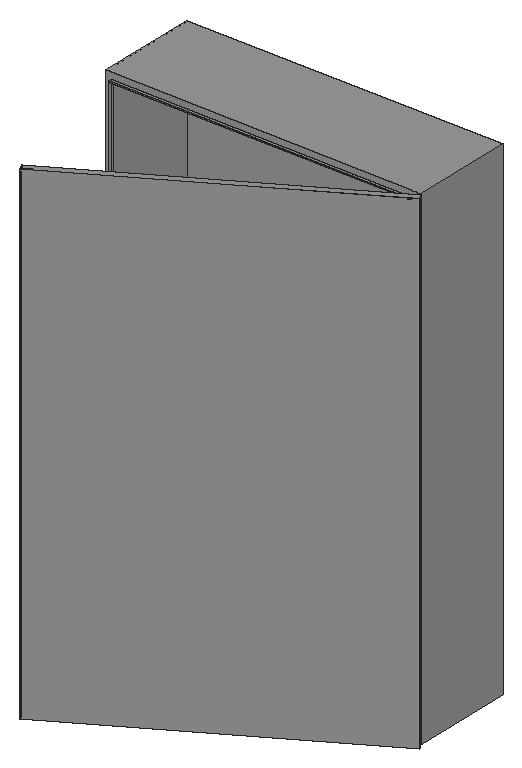
Revit family "Hager-Univers-IP55-D275-H1250-Cl.II-Steel_encl-NoHosted-PL-en", category Equipement électrique, Revit 2020
Family settings
  Configuration du panneau = Deux colonnes, circuits au sein
  Cote de connecteur circulaire = Utiliser le diamètre
  Type d'élément = Tableau de raccordement
  Basée sur le plan de construction = Oui
  Toujours verticalement = Oui
  Couper avec des vides une fois chargée = Non
  Partagée = Non
  Point de calcul de pièce = Non
Parameters (values of type "Surface mounted (plaster) IP55 W800 H1250 D275  - FR83S")
  Width Control [instance] = if([EF000008 - Width] > Min Width, [EF000008 - Width], Min Width)  # 800 mm
  Commentaires du type = [HG000003 - Range]  # "Univers"
  Thickness Door [instance] = if([EF009171 - Material plate thickness door/cover] > 3 mm, 3 mm, [EF009171 - Material plate thickness door/cover])  # 1.5 mm
  Seal Frame Offset [instance] = 17 mm  # constant formula
  Plinth Visibility [instance] = [HG000027 - Plinth height] > 0 mm  # no
  Min Width [instance] = 100 mm  # constant formula
  Min Depth [instance] = (2 * [EF009170 - Material plate thickness cabinet]) + 1 mm  # 4 mm
  Min Height [instance] = 100 mm  # constant formula
  Internal Frame Depth [instance] = (Door System Depth * 0.5)  # 9 mm
  Panel Name [instance] = ""  # (empty or 0)
  Model = ""
  HG000027 - Plinth height = 0 mm
  HG000026 - Floor standing = no
  HG000024 - Bottom section height = 600 mm
  HG000023 - Double section enclosure = no
  HG000016 - Door 3d visibility [instance] = yes
  HG000015 - Clearance visibility [instance] = no
  HG000014 - Door on the right [instance] = yes
  HG000013 - Door on the left [instance] = not([HG000014 - Door on the right])  # no
  HG000012 - Door swing angle [instance] = 30.00°
  HG000010 - Asymmetric doors = no
  HG000009 - Double swing door = no
  HG000006 - Flush mounted = no
  HG000004 - Manufacturer reference = "FR83S"
  HG000003 - Range = "Univers"
  HG000002 - With door or cover = yes
  Frame Offset Bottom [instance] = 10 mm  # constant formula
  Frame Offset [instance] = 15 mm  # constant formula
  EF015940 - Cover with overpressure release = no
  EF011959 - Degree of protection (NEMA) = ""
  EF009554 - Number of openings for flange plates = 6
  EF009212 - Cover model = "EV000116 - Closed"
  EF009171 - Material plate thickness door/cover = 1.5 mm
  EF009170 - Material plate thickness cabinet = 1.5 mm
  EF008873 - Nominal current (In) = 800 A
  EF007800 - Suitable for lightning protection = no
  EF006306 - With lock = no
  EF006244 - Transparent cover/door = no
  EF005474 - Degree of protection (IP) = "EV006420 - IP55"
  EF004464 - Type of door = "EV002646 - Single"
  EF004427 - Number of modules = 288
  EF004293 - Impact strength = "EV008784 - IK10"
  EF003532 - Suitable for outdoor use = no
  EF002950 - Width in number of modular spacings = 24
  EF001613 - Circuit integrity = "EV000494 - None"
  EF001596 - Material housing = "EV000179 - Steel"
  EF001131 - Internal depth = 275 mm
  EF001088 - Extension possible = yes
  EF000437 - Number of conduit inlets = 6
  EF000339 - Type of cover = "EV004216 - Door"
  EF000266 - Number of rows = 8
  EF000218 - Built-in depth = 0 mm
  EF000118 - With mounting plate = no
  EF000116 - RAL-number = "7035"
  EF000049 - Depth = 275 mm
  EF000040 - Height = 1250 mm
  EF000008 - Width = 800 mm
  EF000007 - Colour = "EV000270 - Grey"
  EF000003 - Mounting method = "EV000384 - Surface mounted (plaster)"
  Door System Leaf Tolerance [instance] = 1.5 mm  # constant formula
  Door System Depth [instance] = 18 mm  # constant formula
  Door Height [instance] = Height Control - [HG000027 - Plinth height]  # 1250 mm
  Description = ""
  Default Elevation = 1219.2 mm
  Connector Offset [instance] = Height Control / 2  # 625 mm
  Fabricant = "Hager"  # constant formula
  Height Control [instance] = if([EF000040 - Height] > Min Height, [EF000040 - Height], Min Height)  # 1250 mm
  Depth Control [instance] = if([EF000049 - Depth] > Min Depth, [EF000049 - Depth], Min Depth)  # 275 mm
  Bottom Top Plate Trim [instance] = 1.5 mm  # constant formula
  Plinth height Ctrl [instance] = if([HG000027 - Plinth height] > 0 mm, [HG000027 - Plinth height], 12 mm)  # 12 mm
Types (5, lengths in mm): name | Width Control | HG000010 - Asymmetric doors | HG000009 - Double swing door | HG000004 - Manufacturer reference | EF009554 - Number of openings for flange plates | EF004464 - Type of door | EF004427 - Number of modules | EF000437 - Number of conduit inlets | EF000008 - Width
  Surface mounted (plaster) IP55 W1050 H1250 D275  - FR84S | 1050 | no | yes | "FR84S" | 8 | "EV003602 - Double" | 384 | 8 | 1050
  Surface mounted (plaster) IP55 W1300 H1250 D275  - FR85S | 1300 | yes | yes | "FR85S" | 10 | "EV003602 - Double" | 480 | 10 | 1300
  Surface mounted (plaster) IP55 W300 H1250 D275  - FR81S | 300 | no | no | "FR81S" | 2 | "EV002646 - Single" | 96 | 2 | 300
  Surface mounted (plaster) IP55 W550 H1250 D275  - FR82S | 550 | no | no | "FR82S" | 4 | "EV002646 - Single" | 192 | 4 | 550
  Surface mounted (plaster) IP55 W800 H1250 D275  - FR83S | 800 | no | no | "FR83S" | 6 | "EV002646 - Single" | 288 | 6 | 800
Reference planes
  plane 1 "Center (Front/Back)": y = 0
  plane 2: z = 0
  plane 3 "Center (Left/Right)": x = 0
  plane 4: y = 0
  plane 5: y = 0
  plane 6: z = 0
  plane 7: x = -400
  plane 8: x = 400
  plane 9: x = 398.5
  plane 10: x = -398.5
  plane 11: z = 0
  plane 12: z = 1.5
  plane 13: y = -275
  plane 14: y = -1.5
  plane 15: x = 0
  plane 16: y = -257
  plane 17: y = -273.5
  plane 18: y = -255.5
  plane 19: x = -383.5
  plane 20: x = 383.5
  plane 21: z = 11.5
  plane 22: x = -383
  plane 23: x = 383
  plane 24: z = 0
  plane 25: z = 1250
  plane 26: z = 1250
  plane 27: z = 1233.5
  plane 28: z = 1248.5
Forms (mm)
  Extrusion 1, solid, material "Hager_Steel_RAL7035_Light_Grey", detail levels medium+fine
    sketch origin (-208.679, -4572, 0) x (-1, 0, 0) y (0, -1, 0)
      loop
        line (191.321, -4315) -> (-608.679, -4315) -> (-608.679, -4572) -> (191.321, -4572) -> (191.321, -4315)
    from 0 to 1250
  Extrusion 2, void
    sketch origin (-350.771, -275, 1219.2) x (1, 0, 0) y (0, 0, 1)
      loop
        line (-47.729, 29.3) -> (-47.729, -1217.7) -> (749.271, -1217.7) -> (749.271, 29.3) -> (-47.729, 29.3)
    from -19.5 to -273.5
  Extrusion 3, void
    sketch origin (-290.084, -257, 1219.2) x (1, 0, 0) y (0, 0, 1)
      loop
        line (-93.416, -1207.7) -> (673.584, -1207.7) -> (673.584, 14.3) -> (-93.416, 14.3) -> (-93.416, -1207.7)
    from 0 to -1.5
  Extrusion 4, solid, material "Hager_Steel_RAL7035_Light_Grey", visible <- "Plinth Visibility", detail levels medium+fine
    sketch origin (0, 0, 0) x (1, 0, 0) y (0, 1, 0)
      loop
        line (-400, 0) -> (-400, -257) -> (400, -257) -> (400, 0) -> (-400, 0)
    from 0 to 12 <- "Plinth height Ctrl"
  Extrusion 5, solid, material "Hager_Steel_RAL7035_Light_Grey", detail levels coarse
    sketch origin (0, 0, 0) x (1, 0, 0) y (0, 1, 0)
      loop
        line (-400, 0) -> (-400, -275) -> (400, -275) -> (400, 0) -> (-400, 0)
    from 0 to 1250 <- "Height Control"
  Sweep 6, void
    path in 3D
      loop
        line (-400, -257, 12) -> (400, -257, 12) -> (400, 0, 12) -> (-400, 0, 12) -> (-400, -257, 12)
    profile origin (-400, -128.5, 12) x (1, 0, 0) y (0, 0, 1)
      loop
        line (0, 0) -> (0, -1.5) -> (1.5, -1.5)
        arc (1.5, -1.5) -> (1.061, -0.439) -> (0, 0) r 1.5
  Extrusion 7, solid, material "Hager_Steel_RAL7035_Light_Grey", detail levels fine
    sketch origin (-400, -257, 0) x (1, 0, 0) y (0, 0, 1)
      loop
        line (16.5, 11.5) -> (783.5, 11.5) -> (783.5, 1233.5) -> (16.5, 1233.5) -> (16.5, 11.5)
      loop
        line (15, 10) -> (785, 10) -> (785, 1235) -> (15, 1235) -> (15, 10)
    from 0 to 9 <- "Internal Frame Depth"
Cuts and joins
  Extrusion 2, Extrusion 3 cuts Extrusion 1
  Sweep 6 cuts Extrusion 4
Lines and regions (mm)
  Masking region 1
    outline origin (0, 0, 0) x (1, 0, 0) y (0, 1, 0)
      loop
        line (-400, 0) -> (-400, -275) -> (400, -275) -> (400, 0) -> (-400, 0)
  Masking region 2, detail levels coarse
    outline origin (-290.084, -257, 1219.2) x (-1, 0, 0) y (0, 0, 1)
      loop
        line (-690.084, -1219.2) -> (109.916, -1219.2) -> (109.916, 30.8) -> (-690.084, 30.8) -> (-690.084, -1219.2)
  Masking region 3, detail levels coarse
    outline origin (0, 0, 0) x (0, 1, 0) y (0, 0, 1)
      loop
        line (0, 0) -> (0, 1250) -> (-275, 1250) -> (-275, 0) -> (0, 0)
  Masking region 4, visible <- "Plinth Visibility", detail levels medium+fine
    outline origin (0, 0, 0) x (0, 1, 0) y (0, 0, 1)
      loop
        line (-1.5, 12) -> (-255.5, 12)
        arc (-255.5, 12) -> (-255.939, 10.939) -> (-257, 10.5) r 1.5
        line (-257, 10.5) -> (-257, 0) -> (0, 0) -> (0, 10.5)
        arc (0, 10.5) -> (-1.061, 10.939) -> (-1.5, 12) r 1.5
  Masking region 5, detail levels medium+fine
    outline origin (0, 0, 594.038) x (0, 1, 0) y (0, 0, 1)
      loop
        line (0, -594.038) -> (0, 655.962) -> (-257, 655.962) -> (-257, -594.038) -> (0, -594.038)
  Masking region 6, detail levels medium+fine
    outline origin (-359.7, -257, 1211.883) x (-1, 0, 0) y (0, 0, 1)
      loop
        line (-759.7, -1211.883) -> (40.3, -1211.883) -> (40.3, 38.117) -> (-759.7, 38.117) -> (-759.7, -1211.883)
  Masking region 7, visible <- "Plinth Visibility", detail levels medium+fine
    outline origin (-320.334, -257, 1041.368) x (-1, 0, 0) y (0, 0, 1)
      loop
        line (-720.334, -1041.368) -> (79.666, -1041.368) -> (79.666, -1030.868)
        arc (79.666, -1030.868) -> (78.606, -1030.429) -> (78.166, -1029.368) r 1.5
        line (78.166, -1029.368) -> (-718.834, -1029.368)
        arc (-718.834, -1029.368) -> (-719.273, -1030.429) -> (-720.334, -1030.868) r 1.5
        line (-720.334, -1030.868) -> (-720.334, -1041.368)
  sketch lines
    curve 1: line (-400, 0, 12) -> (-400, -257, 12)
    curve 2: line (-400, -257, 12) -> (400, -257, 12)
    curve 3: line (400, 0, 12) -> (-400, 0, 12)
    curve 4: line (400, -257, 12) -> (400, 0, 12)
Dimensions and locks
  locked: plane 1 "Center (Front/Back)" to plane 5
  "EF009170 - Material plate thickness cabinet": plane 7 to plane 10
  "EF009170 - Material plate thickness cabinet": plane 8 to plane 9
  equal spacing: plane 7, plane 3 "Center (Left/Right)", plane 8
  "Width Control": plane 7 to plane 8
  "Depth Control": plane 4 to plane 13
  "EF009170 - Material plate thickness cabinet": plane 4 to plane 14
  "Height Control": plane 25 to level
  "HG000027 - Plinth height": plane 11 to level
  "EF009170 - Material plate thickness cabinet": plane 12 to plane 11
  "EF009170 - Material plate thickness cabinet": plane 17 to plane 13
  "EF009170 - Material plate thickness cabinet": plane 18 to plane 16
  "Frame Offset Bottom": plane 21 to plane 12
  "Frame Offset": plane 10 to plane 19
  "Frame Offset": plane 9 to plane 20
  "Door System Depth": plane 16 to plane 13
  "Seal Frame Offset": plane 7 to plane 22
  "Seal Frame Offset": plane 8 to plane 23
  "EF009170 - Material plate thickness cabinet": plane 26 to plane 28
  "Frame Offset": plane 28 to plane 27
  "Connector Offset": plane 2 to connector elem
  "Bottom Top Plate Trim": profile plane to Sweep 6 sketch curve
  "Bottom Top Plate Trim": Sweep 6 sketch curve to Sweep 6 sketch curve
  "Plinth height Ctrl": Masking region 4 sketch curve to level
  "Plinth height Ctrl": Masking region 7 sketch curve to level
  "Thickness Door": Extrusion 7 sketch curve to Extrusion 7 sketch curve  (x4)
  "Bottom Top Plate Trim": radius of Sweep 6 sketch curve
  "Bottom Top Plate Trim": radius of Masking region 4 sketch curve  (x2)
  "Bottom Top Plate Trim": radius of Masking region 7 sketch curve  (x2)
  aligned and locked: Extrusion 2 sketch curve to plane 12
  aligned and locked: Extrusion 2 sketch curve to plane 9
  aligned and locked: Extrusion 2 sketch curve to plane 10
  aligned and locked: Extrusion 2 to plane 14
  aligned and locked: Extrusion 1 sketch curve to plane 4
  aligned and locked: plane 8 to Extrusion 1 sketch curve
  aligned and locked: plane 7 to Extrusion 1 sketch curve
  aligned and locked: Extrusion 2 to plane 18
  aligned and locked: Extrusion 3 sketch curve to plane 19
  aligned and locked: plane 20 to Extrusion 3 sketch curve
  aligned and locked: Extrusion 3 to Extrusion 2
  aligned and locked: Extrusion 3 sketch curve to plane 21
  aligned and locked: plane 3 "Center (Left/Right)" to nested 1
  aligned and locked: Extrusion 1 sketch curve to plane 16
  aligned and locked: Extrusion 4 sketch curve to cut or joined group of Extrusion 1, Extrusion 2, Extrusion 3
  aligned and locked: Masking region 1 sketch curve to plane 7
  aligned and locked: Masking region 1 sketch curve to plane 5
  aligned and locked: Masking region 1 sketch curve to plane 8
  aligned and locked: Masking region 2 sketch curve to level
  aligned and locked: level to Masking region 3 sketch curve
  aligned and locked: plane 1 "Center (Front/Back)" to Masking region 3 sketch curve
  aligned and locked: plane 13 to Masking region 3 sketch curve
  aligned and locked: plane 5 to Masking region 4 sketch curve
  aligned and locked: Masking region 2 sketch curve to plane 8
  aligned and locked: Masking region 2 sketch curve to plane 7
  aligned and locked: plane 7 to nested 2
  aligned and locked: nested 2 to plane 5
  aligned and locked: plane 5 to Masking region 5 sketch curve
  aligned and locked: plane 26 to Masking region 5 sketch curve
  aligned and locked: Extrusion 5 sketch curve to plane 8
  aligned and locked: Extrusion 5 sketch curve to plane 7
  aligned and locked: Extrusion 5 sketch curve to plane 5
  aligned and locked: Extrusion 3 sketch curve to plane 27
  aligned and locked: Extrusion 2 sketch curve to plane 28
  aligned and locked: Masking region 2 to plane 25
  aligned and locked: Extrusion 4 to plane 16
  aligned and locked: profile plane to Sweep 6 sketch curve
  aligned and locked: Masking region 5 sketch curve to plane 24
  aligned and locked: level to Masking region 4 sketch curve
  aligned and locked: Masking region 1 to plane 13
  aligned and locked: nested 1 to plane 16
  aligned and locked: Masking region 3 to plane 25
  aligned and locked: plane 16 to Masking region 4 sketch curve
  aligned and locked: Masking region 5 sketch curve to plane 16
  aligned and locked: plane 24 to plane 11
  aligned and locked: plane 26 to plane 25
  aligned and locked: plane 26 to cut or joined group of Extrusion 1, Extrusion 2, Extrusion 3
  aligned and locked: nested 1 to plane 24
  aligned and locked: Extrusion 1 to Extrusion 3
  aligned and locked: Masking region 6 sketch curve to plane 8
  aligned and locked: Masking region 6 sketch curve to plane 24
  aligned and locked: Masking region 6 sketch curve to plane 7
  aligned and locked: Masking region 6 sketch curve to plane 26
  aligned and locked: Masking region 7 sketch curve to plane 7
  aligned and locked: level to Masking region 7 sketch curve
  aligned and locked: Masking region 7 sketch curve to plane 8
  aligned and locked: Extrusion 7 sketch curve to cut or joined group of Extrusion 1, Extrusion 2, Extrusion 3  (x4)
Automatic sketch dimensions
  plane 19 to Extrusion 3 sketch curve = 0 mm
  Extrusion 3 sketch curve to plane 20 = 0 mm
  Extrusion 3 sketch curve to plane 21 = 0 mm
  Extrusion 4 sketch curve to plane 7 = 0 mm
  Extrusion 4 sketch curve to plane 8 = 0 mm
  Extrusion 4 sketch curve to plane 16 = 0 mm
  Masking region 1 sketch curve to plane 13 = 0 mm
  Masking region 2 sketch curve to plane 25 = 0 mm
  Masking region 3 sketch curve to plane 25 = 0 mm
  Extrusion 5 sketch curve to plane 13 = 0 mm
  profile plane to Sweep 6 sketch curve = 0 mm
Nested families
  nested 1: "EC000058_Univers_Door" at (0, -257, 0), Double <- "HG000009 - Double swing door", Transparent <- "EF006244 - Transparent cover/door", Angle <- "HG000012 - Door swing angle", Door_Right <- "HG000014 - Door on the right", Assymetrical <- "HG000010 - Asymmetric doors", Door <- "HG000002 - With door or cover", Width_Ctrl <- "Width Control", 3d_Door <- "HG000016 - Door 3d visibility", Clearance <- "HG000015 - Clearance visibility", Door_Left <- "HG000013 - Door on the left", Width <- "Width Control", Door_Depth <- "Door System Depth", Leaf_Tolerance <- "Door System Leaf Tolerance", Height <- "Door Height", Lock_Visibility <- "EF006306 - With lock", Thickness <- "Thickness Door", type "EC000058_Univers_Door", detail levels medium+fine
    with min_wh 4 mm, Width_Ctrl 800 mm, Width 800 mm, Transparent no, Thickness 1.5 mm, Seal_Material Hager_Rubber, Lock_Visibility no, Lock_Material Hager_Plastic_RAL9005_Jet_Black, Leaf_Width 800 mm, Leaf_Tolerance_External_Sides 0 mm, Leaf_Tolerance 1.5 mm, Leaf_Offset 0 mm, Leaf_Height 1247 mm, Leaf_2_Width 800 mm, Leaf_2_Offset 400 mm, Leaf_1_Width 800 mm, Leaf_1_Offset 400 mm, Height_Ctrl 1250 mm, Height 1250 mm, Glass_Material Hager_Glass, Double_Clearance_Ctrl no, Double no, Door_Right_Ctrl yes, Door_Right yes, Door_Material Hager_Steel_RAL7035_Light_Grey, Door_Left_Ctrl no, Door_Left no, Door_Depth 18 mm, Door yes, Clearance_Material Hager_Clearance, Clearance_Depth 800 mm, Clearance_Ctrl no, Clearance no, Assymetrical no, Angle 30.00°, 3d_Door yes
  nested 2: "Hager_Enclosure_Symbol" at (-400, 0, 0), Height <- "Depth Control", Width <- "Width Control", type "Hager_Enclosure_Symbol"
    with Width_Ctrl 800 mm, Width 800 mm, Height_Ctrl 275 mm, Height 275 mm, A_Width_Int 18.047 mm, A_Width 216.562 mm, A_Height_Ctrl 240.625 mm, A_Height 240.625 mm
Connectors
  electrical at (0, 0, 625)
    settings: on plane 1 "Center (Front/Back)", index 1, voltage 0 V, apparent load 0 VA, apparent load phase1 0 VA, apparent load phase2 0 VA, apparent load phase3 0 VA, power factor 1, load classification "Other", number of poles 1, system type 30, power factor state 1, is connector primary yes, connector utility no, sub classification motor no, connector description ""
Definition of nested family "EC000058_Univers_Door"
  Parameters (values of type "EC000058_Univers_Door")
    min_wh [instance] = (2 * Thickness) + 1 mm  # 11 mm
    Width_Ctrl [instance] = 400 mm
    Width [instance] = 500 mm
    Transparent [instance] = yes
    Thickness [instance] = 5 mm
    Seal_Material [instance] = none
    Lock_Visibility [instance] = yes
    Lock_Material [instance] = none
    Leaf_Width [instance] = if((Width_Ctrl - 2 * Leaf_Tolerance_External_Sides) > 0 mm, (Width_Ctrl - 2 * Leaf_Tolerance_External_Sides), min_wh)  # 400 mm
    Leaf_Tolerance_External_Sides [instance] = 0 mm  # constant formula
    Leaf_Tolerance [instance] = 1.5 mm
    Leaf_Offset [instance] = 0 mm  # constant formula
    Leaf_Height [instance] = if((Height_Ctrl - 2 * Leaf_Tolerance) > 0 mm, (Height_Ctrl - 2 * Leaf_Tolerance), min_wh)  # 497 mm
    Leaf_2_Width [instance] = if(and(and(Double, Assymetrical), Door_Left), (Leaf_Width / 3) - (Leaf_Tolerance / 2), if(and(and(Double, Assymetrical), Door_Right), (Leaf_Width / 3) * 2 - (Leaf_Tolerance / 2), if(and(Double, not(Assymetrical)), (Leaf_Width / 2) - Leaf_Tolerance, Leaf_Width)))  # 400 mm
    Leaf_2_Offset [instance] = if(and(Double, Assymetrical), Leaf_2_Width / 2, if(and(Double, not(Assymetrical)), Leaf_Width / 4, Leaf_Width / 2))  # 200 mm
    Leaf_1_Width [instance] = if(and(and(Double, Assymetrical), Door_Right), (Leaf_Width / 3) - (Leaf_Tolerance / 2), if(and(and(Double, Assymetrical), Door_Left), (Width / 3) * 2 - (Leaf_Tolerance / 2), if(and(Double, not(Assymetrical)), (Leaf_Width / 2) - Leaf_Tolerance, Leaf_Width)))  # 400 mm
    Leaf_1_Offset [instance] = if(and(Double, Assymetrical), Leaf_1_Width / 2, if(and(Double, not(Assymetrical)), Leaf_Width / 4, Leaf_Width / 2))  # 200 mm
    Height_Ctrl [instance] = if(Height > min_wh, Height, min_wh)  # 500 mm
    Height [instance] = 500 mm
    Glass_Material [instance] = none
    Double_Clearance_Ctrl [instance] = and(Double, Clearance)  # no
    Double [instance] = no
    Door_Right_Ctrl [instance] = and(or(Door_Right, Double), Door)  # yes
    Door_Right [instance] = yes
    Door_Material [instance] = none
    Door_Left_Ctrl [instance] = and(or(Door_Left, Double), Door)  # no
    Door_Left [instance] = no
    Door_Depth [instance] = 30 mm
    Door [instance] = yes
    Default Elevation = 1219.2 mm
    Clearance_Material [instance] = none
    Clearance_Depth [instance] = if(Leaf_1_Width > Leaf_2_Width, Leaf_1_Width, Leaf_2_Width)  # 400 mm
    Clearance_Ctrl [instance] = and(not(Double), Clearance)  # yes
    Clearance [instance] = yes
    Assymetrical [instance] = yes
    Angle [instance] = 30.00°
    3d_Door [instance] = yes
  Reference planes
    plane 1 "Center (Front/Back)": y = 0
    plane 2 "Bottom": z = 0
    plane 3 "Center (Left/Right)": x = 0
    plane 4: z = 500
    plane 5: x = -200
    plane 6: x = 200
    plane 7: z = 500
    plane 8: x = -200
    plane 9: z = 0
    plane 10: x = 200
    plane 11: y = 0
    plane 12: z = 1.5
    plane 13: x = -600
    plane 14: y = -400
    plane 15: x = 600
    plane 16: x = 0
    plane 17: x = 0
    plane 18: x = -200
    plane 19: x = 200
    plane 20: z = 498.5
  Forms (mm)
    Extrusion 1, solid, material <- "Clearance_Material", visible <- "Double_Clearance_Ctrl"
      sketch origin (1200, 0, 0) x (1, 0, 0) y (0, 0, -1)
        loop
          line (-1800, -498.5) -> (-600, -498.5) -> (-600, 0) -> (-1800, 0) -> (-1800, -498.5)
      from 0 to -400
  Dimensions and locks
    equal spacing: plane 5, plane 3 "Center (Left/Right)", plane 6
    "Width_Ctrl": plane 5 to plane 6
    "Leaf_Offset": plane 5 to plane 8
    "Leaf_Offset": plane 6 to plane 10
    "Leaf_Offset": plane 9 to level
    "Leaf_Offset": plane 4 to plane 7
    "Height_Ctrl": plane 4 to level
    "Leaf_Tolerance": plane 12 to plane 9
    locked: plane 11 to plane 1 "Center (Front/Back)"
    "Leaf_1_Offset": plane 18 to plane 16
    "Leaf_2_Offset": plane 17 to plane 19
    "Leaf_1_Width": plane 13 to plane 8
    "Leaf_2_Width": plane 10 to plane 15
    "Clearance_Depth": plane 14 to plane 1 "Center (Front/Back)"
    "Leaf_Tolerance_External_Sides": plane 8 to plane 18
    "Leaf_Tolerance_External_Sides": plane 19 to plane 10
    "Leaf_Tolerance": plane 7 to plane 20
    aligned and locked: level to plane 2 "Bottom"
    aligned and locked: nested 1 to plane 16
    aligned and locked: nested 2 to plane 17
    aligned and locked: Extrusion 1 to plane 13
    aligned and locked: plane 15 to Extrusion 1
    aligned and locked: Extrusion 1 to plane 14
    aligned and locked: plane 12 to nested 1
    aligned and locked: nested 2 to plane 12
    aligned and locked: Extrusion 1 to plane 11
    aligned and locked: plane 20 to Extrusion 1
    aligned and locked: nested 2 to plane 11
    aligned and locked: nested 1 to plane 11
  Automatic sketch dimensions
    Extrusion 1 sketch curve to level = 0 mm
    plane 5 to Extrusion 1 sketch curve = 400 mm
    plane 6 to Extrusion 1 sketch curve = 400 mm
    Extrusion 1 sketch curve to plane 4 = 1.5 mm
  Nested families
    nested 1: "EC000058_Univers_Door_Leaf" at (0, 0, 1.5), Width <- "Leaf_1_Width", visible <- "Door_Left_Ctrl", Leaf_Height <- "Leaf_Height", Angle <- "Angle", 3d_Door <- "3d_Door", Transparent <- "Transparent", Clearance Material <- "Clearance_Material", Clearance <- "Clearance_Ctrl", Door_Material <- "Door_Material", Glass_Material <- "Glass_Material", Door_Depth <- "Door_Depth", Lock_Material <- "Lock_Material", Seal_Material <- "Seal_Material", Lock_Visibility <- "Lock_Visibility", Thickness <- "Thickness", type "EC000058_Univers_Door_Leaf"
      with Width 400 mm, Transparent_Glass_Offset 30 mm, Transparent_Ctrl yes, Transparent yes, Thickness 5 mm, Standard no, Seal_Material none, Seal_D2 8 mm, Seal_D1 1 mm, Offset_Internal_Frame 10 mm, Lock_Width 20 mm, Lock_Visibility_3d yes, Lock_Visibility yes, Lock_Thickness_3 3 mm, Lock_Thickness_2 1 mm, Lock_Thickness_1 3 mm, Lock_Radius_Offset_2 16 mm, Lock_Radius_Offset_1 15 mm, Lock_Radius_2 5 mm, Lock_Radius 6 mm, Lock_Offset 5 mm, Lock_Material none, Lock_Height 80 mm, Lock_Cover_Top_Offset_2d 17 mm, Lock_Cover_Height -65 mm, Leaf_Height 497 mm, Internal_Seal_Thickness 8 mm, Internal_Seal_Depth_2 4.5 mm, Internal_Frame_Depth 25 mm, Glass_Thickness -1 mm, Glass_Offset -2 mm, Glass_Material none, Door_Material none, Door_Depth 30 mm, Clearance Material none, Clearance yes, Angle_Ctrl 30.00°, Angle 30.00°, 3d_Door yes
    nested 2: "EC000058_Univers_Door_Leaf" at (0, 0, 1.5) x (-1, 0, 0) z (0, 0, 1), Width <- "Leaf_2_Width", visible <- "Door_Right_Ctrl", Leaf_Height <- "Leaf_Height", Angle <- "Angle", 3d_Door <- "3d_Door", Transparent <- "Transparent", Clearance Material <- "Clearance_Material", Clearance <- "Clearance_Ctrl", Door_Material <- "Door_Material", Glass_Material <- "Glass_Material", Door_Depth <- "Door_Depth", Lock_Material <- "Lock_Material", Seal_Material <- "Seal_Material", Lock_Visibility <- "Lock_Visibility", Thickness <- "Thickness", type "EC000058_Univers_Door_Leaf"
      with Width 400 mm, Transparent_Glass_Offset 30 mm, Transparent_Ctrl yes, Transparent yes, Thickness 5 mm, Standard no, Seal_Material none, Seal_D2 8 mm, Seal_D1 1 mm, Offset_Internal_Frame 10 mm, Lock_Width 20 mm, Lock_Visibility_3d yes, Lock_Visibility yes, Lock_Thickness_3 3 mm, Lock_Thickness_2 1 mm, Lock_Thickness_1 3 mm, Lock_Radius_Offset_2 16 mm, Lock_Radius_Offset_1 15 mm, Lock_Radius_2 5 mm, Lock_Radius 6 mm, Lock_Offset 5 mm, Lock_Material none, Lock_Height 80 mm, Lock_Cover_Top_Offset_2d 17 mm, Lock_Cover_Height -65 mm, Leaf_Height 497 mm, Internal_Seal_Thickness 8 mm, Internal_Seal_Depth_2 4.5 mm, Internal_Frame_Depth 25 mm, Glass_Thickness -1 mm, Glass_Offset -2 mm, Glass_Material none, Door_Material none, Door_Depth 30 mm, Clearance Material none, Clearance yes, Angle_Ctrl 30.00°, Angle 30.00°, 3d_Door yes
  Definition of nested family "EC000058_Univers_Door_Leaf"
    Parameters (values of type "EC000058_Univers_Door_Leaf")
      Width [instance] = 2000 mm
      Transparent_Glass_Offset [instance] = 30 mm
      Transparent_Ctrl [instance] = and(Transparent, [3d_Door])  # yes
      Transparent [instance] = yes
      Thickness [instance] = 5 mm
      Standard [instance] = and(not(Transparent), [3d_Door])  # no
      Seal_Material [instance] = none
      Seal_D2 [instance] = 8 mm  # constant formula
      Seal_D1 [instance] = 1 mm  # constant formula
      Offset_Internal_Frame [instance] = 10 mm  # constant formula
      Lock_Width [instance] = 20 mm  # constant formula
      Lock_Visibility_3d [instance] = and(Lock_Visibility, [3d_Door])  # yes
      Lock_Visibility [instance] = yes
      Lock_Thickness_3 [instance] = 3 mm  # constant formula
      Lock_Thickness_2 [instance] = 1 mm  # constant formula
      Lock_Thickness_1 [instance] = 3 mm  # constant formula
      Lock_Radius_Offset_2 [instance] = Lock_Radius_Offset_1 + 1 mm  # 16 mm
      Lock_Radius_Offset_1 [instance] = 15 mm  # constant formula
      Lock_Radius_2 [instance] = Lock_Radius - 1 mm  # 5 mm
      Lock_Radius [instance] = 6 mm  # constant formula
      Lock_Offset [instance] = 5 mm  # constant formula
      Lock_Material [instance] = none
      Lock_Height [instance] = 80 mm  # constant formula
      Lock_Cover_Top_Offset_2d [instance] = Lock_Radius_Offset_2 + 1 mm  # 17 mm
      Lock_Cover_Height [instance] = -(Lock_Height - Lock_Radius_Offset_1)  # -65 mm
      Leaf_Height [instance] = 2720.336 mm
      Internal_Seal_Thickness [instance] = 8 mm  # constant formula
      Internal_Seal_Depth_2 [instance] = 4.5 mm  # constant formula
      Internal_Frame_Depth [instance] = if(Door_Depth - Thickness > 5 mm, Door_Depth - Thickness, 5 mm)  # 25 mm
      Glass_Thickness [instance] = if(Thickness > 15 mm, Glass_Offset + 10 mm, -1 mm)  # -1 mm
      Glass_Offset [instance] = if(Thickness > 15 mm, -(Thickness + 10 mm) / 2, -2 mm)  # -2 mm
      Glass_Material [instance] = none
      Door_Material [instance] = none
      Door_Depth [instance] = 30 mm
      Default Elevation = 0 mm
      Clearance Material [instance] = none
      Clearance [instance] = yes
      Angle_Ctrl [instance] = if(Angle > 180.00°, 180.00°, Angle)  # 90.00°
      Angle [instance] = 90.00°
      3d_Door [instance] = yes
    Reference planes
      plane 1 "Center (Front/Back)": y = 0
      plane 2: z = 0
      plane 3 "Center (Left/Right)": x = 0
      plane 4: y = 2000
      plane 5: x = -1000
      plane 6: x = 1000
      plane 7: x = -3000
      plane 8: z = 2720.336
      plane 9: z = 30
      plane 10: z = 2690.336
      plane 11: x = 970
      plane 12: x = -970
      plane 13: y = -3
      plane 14: z = 107.833
      plane 15: y = -5
      plane 16: y = -223.314
      plane 17: x = -1000
      plane 18: z = 1360.168
      plane 19: y = 30
    Forms (mm)
      Extrusion 1, solid, material <- "Clearance Material", visible <- "Clearance"
        sketch origin (0, 0, 0) x (1, 0, 0) y (0, 0, 1)
          loop
            line (-3000, 2720.336) -> (-3000, 0) -> (1000, 0) -> (1000, 2720.336) -> (-3000, 2720.336)
        from 0 to -2000
      Extrusion 2, solid, material <- "Door_Material", visible <- "Standard", detail levels medium+fine
        sketch origin (-1000, 0, 0) x (0, 1, 0) y (-1, 0, 0)
          loop
            line (0, 30) -> (0, 25) -> (2000, 25) -> (2000, 30) -> (0, 30)
        from 0 to 2720.336 <- "Leaf_Height"
      Extrusion 3, solid, material <- "Door_Material", visible <- "Transparent_Ctrl", detail levels medium+fine
        sketch origin (-1000, 0, 0) x (0, 1, 0) y (-1, 0, 0)
          loop
            line (0, 25) -> (2000, 25) -> (2000, 30) -> (0, 30) -> (0, 25)
        from 0 to 2720.336 <- "Leaf_Height"
      Extrusion 4, void
        sketch origin (-1025, 2000, 0) x (0, 1, 0) y (0, 0, -1)
          loop
            line (-30, -2690.336) -> (-30, -30) -> (-1970, -30) -> (-1970, -2690.336) -> (-30, -2690.336)
        from 0 to 5 <- "Thickness"
      Sweep 5, solid, material <- "Seal_Material", visible <- "Transparent_Ctrl", detail levels fine
        path in 3D
          loop
            line (-1025, 30, 30) -> (-1025, 30, 2690.336) -> (-1025, 1970, 2690.336) -> (-1025, 1970, 30) -> (-1025, 30, 30)
        profile origin (-1025, 1000, 30) x (1, 0, 0) y (0, 0, 1)
          loop
            line (0, 0) -> (0, -8) -> (1, -8) -> (1, 0) -> (0, 0)
      Extrusion 6, solid, material <- "Glass_Material", visible <- "Transparent_Ctrl", detail levels medium+fine
        sketch origin (-1030, 0, 0) x (0, 1, 0) y (0, 0, -1)
          loop
            line (1970, -2690.336) -> (1970, -30) -> (30, -30) -> (30, -2690.336) -> (1970, -2690.336)
        from -2 <- "Glass_Offset" to -1 <- "Glass_Thickness"
      Extrusion 7, solid, material <- "Door_Material", visible <- "3d_Door", detail levels medium+fine
        sketch origin (-1025, 2000, 0) x (0, -1, 0) y (0, 0, -1)
          loop
            line (0, -2720.336) -> (2000, -2720.336) -> (2000, 0) -> (0, 0) -> (0, -2720.336)
          loop
            line (1995, -5) -> (5, -5) -> (5, -2715.336) -> (1995, -2715.336) -> (1995, -5)
        from 0 to 25 <- "Internal_Frame_Depth"
      Sweep 8, solid, material <- "Seal_Material", visible <- "Transparent_Ctrl", detail levels fine
        path in 3D
          loop
            line (-1025, 0, 0) -> (-1025, 2000, 0) -> (-1025, 2000, 2720.336) -> (-1025, 0, 2720.336) -> (-1025, 0, 0)
        profile origin (-1025, 0, 1360.168) x (1, 0, 0) y (0, 1, 0)
          loop
            line (0, 10) -> (2.975, 10)
            arc (2.975, 10) -> (4.053, 10.447) -> (4.5, 11.525) r 1.525
            line (4.5, 11.525) -> (4.5, 16.527)
            arc (4.5, 16.527) -> (4.069, 17.569) -> (3.027, 18) r 1.473
            line (3.027, 18) -> (0, 18) -> (0, 10)
      Extrusion 9, solid, material <- "Lock_Material", visible <- "Lock_Visibility_3d", detail levels fine
        sketch origin (-1030, 0, 0) x (0, 1, 0) y (0, 0, -1)
          loop
            arc (1993.5, -1400.168) -> (1994.561, -1399.729) -> (1995, -1398.668) r 1.5
            line (1995, -1398.668) -> (1995, -1320.168) -> (1975, -1320.168) -> (1975, -1398.668)
            arc (1975, -1398.668) -> (1975.439, -1399.729) -> (1976.5, -1400.168) r 1.5
            line (1976.5, -1400.168) -> (1993.5, -1400.168)
        from 3 <- "Lock_Thickness_1" to 0
      Blend 10, solid, material <- "Lock_Material", visible <- "Lock_Visibility_3d", detail levels fine
        base sketch origin (-1033, 0, 0) x (0, 1, 0) y (0, 0, -1)
          loop
            line (1975, -1320.168) -> (1975, -1398.668)
            arc (1975, -1398.668) -> (1975.439, -1399.729) -> (1976.5, -1400.168) r 1.5
            line (1976.5, -1400.168) -> (1993.5, -1400.168)
            arc (1993.5, -1400.168) -> (1994.561, -1399.729) -> (1995, -1398.668) r 1.5
            line (1995, -1398.668) -> (1995, -1320.168) -> (1975, -1320.168)
        top sketch origin (-1033, 0, 0) x (0, 1, 0) y (0, 0, -1)
          loop
            line (1976, -1320.168) -> (1976, -1398.668)
            arc (1976, -1398.668) -> (1976.146, -1399.022) -> (1976.5, -1399.168) r 0.5
            line (1976.5, -1399.168) -> (1993.5, -1399.168)
            arc (1993.5, -1399.168) -> (1993.854, -1399.022) -> (1994, -1398.668) r 0.5
            line (1994, -1398.668) -> (1994, -1320.168) -> (1976, -1320.168)
        from 0 to 1 <- "Lock_Thickness_2"
      Blend 11, solid, material <- "Lock_Material", visible <- "Lock_Visibility_3d", detail levels fine
        base sketch origin (-1034, 0, 0) x (0, 1, 0) y (0, 0, -1)
          loop
            line (1978, -1320.168) -> (1978, -1384.168)
            arc (1978, -1384.168) -> (1985, -1391.168) -> (1992, -1384.168) r 7
            line (1992, -1384.168) -> (1992, -1320.168) -> (1978, -1320.168)
        top sketch origin (-1034, 0, 0) x (0, 1, 0) y (0, 0, -1)
          loop
            line (1991, -1320.168) -> (1979, -1320.168) -> (1979, -1383.168)
            arc (1979, -1383.168) -> (1985, -1389.168) -> (1991, -1383.168) r 6
            line (1991, -1383.168) -> (1991, -1320.168)
        from 0 to 3 <- "Lock_Thickness_3"
      Extrusion 12, solid, material <- "Lock_Material", visible <- "Lock_Visibility_3d", detail levels fine
        sketch origin (-1030, 1975, 1320.168) x (1, 0, 0) y (0, -1, 0)
          loop
            line (-7, -19) -> (-7, -1) -> (0, -1) -> (0, 0) -> (-8, 0) -> (-8, -20) -> (0, -20) -> (0, -19) -> (-7, -19)
        from 0 to -65 <- "Lock_Cover_Height"
      Extrusion 13, void
        sketch origin (-1038, 1995, 1320.168) x (-1, 0, 0) y (0, 0, -1)
          loop
            line (-5, -65) -> (0, -65) -> (-5, -60) -> (-5, -65)
        from 0 to 20 <- "Lock_Width"
      Extrusion 14, void
        sketch origin (-1038, 1975, 1320.168) x (0, -1, 0) y (0, 0, -1)
          loop
            circle (-10, -15.995) r 6
          loop
            circle (-10, -15.995) r 5
        from 0 to 2
      Extrusion 15, solid, material <- "Lock_Material", visible <- "Lock_Visibility_3d", detail levels medium
        sketch origin (-1030, 0, 0) x (0, 1, 0) y (0, 0, -1)
          loop
            arc (1993.5, -1400.168) -> (1994.561, -1399.729) -> (1995, -1398.668) r 1.5
            line (1995, -1398.668) -> (1995, -1320.168) -> (1975, -1320.168) -> (1975, -1398.668)
            arc (1975, -1398.668) -> (1975.439, -1399.729) -> (1976.5, -1400.168) r 1.5
            line (1976.5, -1400.168) -> (1993.5, -1400.168)
        from 8 to 0
    Cuts and joins
      Extrusion 4 cuts Extrusion 3
      Extrusion 13, Extrusion 14 cuts Extrusion 9
      Extrusion 14 cuts Blend 11
      Extrusion 13, Extrusion 14 cuts Extrusion 12
      joined: Extrusion 9, Blend 10, Blend 11, Extrusion 12
      Extrusion 14 cuts Extrusion 15
    Lines and regions (mm)
      Masking region 1, visible <- "Lock_Visibility", detail levels fine
        outline origin (0, 0, 0) x (0, 1, 0) y (0, 0, 1)
          loop
            line (30, 1320.168) -> (33, 1320.168) -> (33, 1400.168) -> (30, 1400.168) -> (30, 1320.168)
      Masking region 2, visible <- "Lock_Visibility", detail levels fine
        outline origin (0, 3.143, 0) x (0, 1, 0) y (0, 0, 1)
          loop
            line (29.857, 1354.168) -> (30.857, 1354.168) -> (30.857, 1366.168) -> (29.857, 1366.168) -> (29.857, 1354.168)
      Masking region 3, detail levels medium+fine
        outline origin (0, 0, 0) x (0, 1, 0) y (0, 0, 1)
          loop
            line (0, 0) -> (30, 0) -> (30, 2720.336) -> (0, 2720.336) -> (0, 0)
      Masking region 4, detail levels medium+fine
        outline origin (0, 0, 0) x (1, 0, 0) y (0, 0, 1)
          loop
            line (-1000, 2720.336) -> (-1000, 0) -> (1000, 0) -> (1000, 2720.336) -> (-1000, 2720.336)
      Masking region 5, visible <- "Lock_Visibility", detail levels fine
        outline origin (-47.116, 0, 0) x (1, 0, 0) y (0, 0, 1)
          loop
            arc (1024.616, 1399.168) -> (1023.556, 1398.729) -> (1023.116, 1397.668) r 1.5
            line (1023.116, 1397.668) -> (1023.116, 1320.168) -> (1041.116, 1320.168) -> (1041.116, 1397.668)
            arc (1041.116, 1397.668) -> (1040.677, 1398.729) -> (1039.616, 1399.168) r 1.5
            line (1039.616, 1399.168) -> (1024.616, 1399.168)
      Masking region 6, visible <- "Lock_Visibility", detail levels medium+fine
        outline origin (-25, 0, 0) x (1, 0, 0) y (0, 0, 1)
          loop
            arc (1001.5, 1400.168) -> (1000.439, 1399.729) -> (1000, 1398.668) r 1.5
            line (1000, 1398.668) -> (1000, 1320.168) -> (1020, 1320.168) -> (1020, 1398.668)
            arc (1020, 1398.668) -> (1019.561, 1399.729) -> (1018.5, 1400.168) r 1.5
            line (1018.5, 1400.168) -> (1001.5, 1400.168)
      Masking region 7, visible <- "Lock_Visibility", detail levels fine
        outline origin (-73.735, 0, 0) x (1, 0, 0) y (0, 0, 1)
          loop
            line (1051.735, 1382.168) -> (1065.735, 1382.168) -> (1065.735, 1384.168)
            arc (1065.735, 1384.168) -> (1058.735, 1391.168) -> (1051.735, 1384.168) r 7
            line (1051.735, 1384.168) -> (1051.735, 1382.168)
      Masking region 8, visible <- "Lock_Visibility", detail levels fine
        outline origin (-73.735, 0, 0) x (1, 0, 0) y (0, 0, 1)
          loop
            line (1052.735, 1382.168) -> (1064.735, 1382.168) -> (1064.735, 1383.168)
            arc (1064.735, 1383.168) -> (1058.735, 1389.168) -> (1052.735, 1383.168) r 6
            line (1052.735, 1383.168) -> (1052.735, 1382.168)
      Masking region 9, visible <- "Lock_Visibility", detail levels fine
        outline origin (-25, 0, 0) x (1, 0, 0) y (0, 0, 1)
          loop
            line (1020, 1320.168) -> (1020, 1382.168) -> (1000, 1382.168) -> (1000, 1320.168) -> (1020, 1320.168)
      Masking region 10, detail levels medium+fine
        outline origin (0, 0, 0) x (1, 0, 0) y (0, 0, 1)
          loop
            circle (985, 1335.144) r 6
      Masking region 11, detail levels fine
        outline origin (0, 0, 0) x (1, 0, 0) y (0, 0, 1)
          loop
            circle (985, 1335.144) r 5
      Masking region 12, visible <- "Lock_Visibility", detail levels fine
        outline origin (0, 12.767, 0) x (0, 1, 0) y (0, 0, 1)
          loop
            line (20.233, 1320.168) -> (21.233, 1320.168) -> (21.233, 1399.168) -> (20.233, 1400.168) -> (20.233, 1320.168)
      Masking region 13, visible <- "Lock_Visibility", detail levels fine
        outline origin (0, 13.767, -10) x (0, 1, 0) y (0, 0, 1)
          loop
            line (20.233, 1330.168) -> (23.233, 1330.168) -> (23.233, 1399.168) -> (20.233, 1402.168) -> (20.233, 1330.168)
      Masking region 14, visible <- "Lock_Visibility", detail levels fine
        outline origin (0, 12.767, -10) x (0, 1, 0) y (0, 0, 1)
          loop
            line (20.233, 1330.168) -> (25.233, 1330.168) -> (25.233, 1399.305) -> (20.233, 1394.305) -> (20.233, 1330.168)
      Masking region 15, visible <- "Lock_Visibility", detail levels medium
        outline origin (0, 0, 0) x (0, 1, 0) y (0, 0, 1)
          loop
            line (30, 1320.168) -> (38, 1320.168) -> (38, 1400.168) -> (30, 1400.168) -> (30, 1320.168)
      Masking region 16, visible <- "Lock_Visibility", detail levels fine
        outline origin (-1000, 0, 0) x (0, 1, 0) y (-1, 0, 0)
          loop
            line (1975, 30) -> (1995, 30) -> (1995, 38) -> (1975, 38) -> (1975, 30)
          loop
            line (1979, 37) -> (1976, 37) -> (1976, 34) -> (1978, 34) -> (1979, 37)
          loop
            line (1994, 37) -> (1991, 37) -> (1992, 34) -> (1994, 34) -> (1994, 37)
      Masking region 17, visible <- "Lock_Visibility", detail levels medium
        outline origin (-1000, 0, 0) x (0, 1, 0) y (-1, 0, 0)
          loop
            line (1975, 30) -> (1995, 30) -> (1995, 38) -> (1975, 38) -> (1975, 30)
      symbolic lines
        curve 1: line (1000, 0, 0) -> (-3000, 0, 0)
        curve 2: arc (1000, 0, 0) -> (-1000, 2000, 0) -> (-3000, 0, 0) r 2000
        curve 4: line (-1030, 0, 0) -> (-1030, 2000, 0)
      reference lines
        curve 3: line (-1000, 0, 0) -> (-1000, 2000, 0)
      symbolic lines, detail levels medium+fine
        curve 5: line (-1030, 2000, 0) -> (-1025, 2000, 0)
        curve 7: line (-1025, 0, 0) -> (-1030, 0, 0)
        curve 8: line (-1025, 0, 0) -> (-1000, 0, 0)
        curve 9: line (-1000, 0, 0) -> (-1000, 2000, 0)
        curve 10: line (-1000, 2000, 0) -> (-1025, 2000, 0)
      symbolic lines, detail levels fine
        curve 6: line (-1025, 2000, 0) -> (-1025, 0, 0)
      sketch lines
        curve 11: line (-1025, 0, 2720.336) -> (-1025, 0, 0)
        curve 12: line (-1025, 2000, 0) -> (-1025, 0, 0)
        curve 13: line (-1025, 2000, 2720.336) -> (-1025, 2000, 0)
        curve 14: line (-1025, 0, 2720.336) -> (-1025, 2000, 2720.336)
        curve 15: line (-1025, 1970, 30) -> (-1025, 30, 30)
        curve 16: line (-1025, 30, 30) -> (-1025, 30, 2690.336)
        curve 17: line (-1025, 1970, 2690.336) -> (-1025, 1970, 30)
        curve 18: line (-1025, 30, 2690.336) -> (-1025, 1970, 2690.336)
      symbolic lines, visible <- "Transparent", detail levels medium+fine
        curve 19: line (-970, 0, 2690.336) -> (970, 0, 2690.336)
        curve 20: line (-970, 0, 30) -> (-970, 0, 2690.336)
        curve 21: line (970, 0, 30) -> (-970, 0, 30)
        curve 22: line (970, 0, 2690.336) -> (970, 0, 30)
    Dimensions and locks
      "Width": plane 1 "Center (Front/Back)" to plane 4
      equal spacing: plane 5, plane 3 "Center (Left/Right)", plane 6
      "Width": plane 5 to plane 6
      "Width": plane 7 to plane 5
      "Leaf_Height": plane 8 to level
      "Width": curve 5 to curve 3
      "Width": curve 3 to curve 3
      plane 8 to plane 10 = 30 mm
      plane 9 to level = 30 mm
      plane 12 to plane 5 = 30 mm
      plane 6 to plane 11 = 30 mm
      Extrusion 1 to Extrusion 4 sketch curve = 30 mm
      "Transparent_Glass_Offset": curve 3 to Extrusion 4 sketch curve
      "Transparent_Glass_Offset": Extrusion 4 sketch curve to cut or joined group of Extrusion 3, Extrusion 4  (x2)
      cut or joined group of Extrusion 3, Extrusion 4 to Extrusion 6 sketch curve = 30 mm
      "Transparent_Glass_Offset": cut or joined group of Extrusion 3, Extrusion 4 to Extrusion 4 sketch curve
      "Thickness": curve 6 to curve 4
      "Thickness": Extrusion 7 sketch curve to Extrusion 7 sketch curve  (x4)
      "Door_Depth": curve 4 to curve 3
      "Offset_Internal_Frame": profile plane to Sweep 8 sketch curve
      "Internal_Seal_Thickness": Sweep 8 sketch curve to Sweep 8 sketch curve
      "Internal_Seal_Depth_2": profile plane to Sweep 8 sketch curve
      "Seal_D1": profile plane to Sweep 5 sketch curve
      "Seal_D2": profile plane to Sweep 5 sketch curve
      "Thickness": Extrusion 2 sketch curve to Extrusion 2 sketch curve
      equal spacing: Extrusion 9 sketch curve, plane 18, Extrusion 9 sketch curve  (x2)
      equal spacing: Masking region 1 sketch curve, plane 18, Masking region 1 sketch curve
      "Lock_Height": Masking region 1 sketch curve to Masking region 1 sketch curve
      "Lock_Radius": Masking region 2 sketch curve to plane 18 to Masking region 2 sketch curve
      Masking region 2 sketch curve to Masking region 1 = 1 mm
      "Door_Depth": plane 19 to plane 1 "Center (Front/Back)"
      "Lock_Thickness_1": Masking region 1 sketch curve to plane 19
      "Lock_Width": Extrusion 9 sketch curve to Extrusion 9 sketch curve
      "Lock_Height": Extrusion 9 sketch curve to Extrusion 9 sketch curve
      "Lock_Offset": cut or joined group of Extrusion 3, Extrusion 4 to Extrusion 9 sketch curve
      equal spacing: plane 8, plane 18, level
      "Lock_Radius_Offset_1": Blend 11 sketch curve to Blend 10
      locked: Blend 10 to Blend 11 sketch curve at 2  (x2)
      locked: var sketch to Blend 11 sketch curve at 1  (x2)
      "Lock_Radius_Offset_2": Blend 11 sketch curve to Blend 10
      locked: Extrusion 12 sketch curve to Extrusion 12 sketch curve at 1  (x3)
      Masking region 6 sketch curve to Masking region 6 sketch curve = 80 mm
      "Lock_Height": Masking region 6 sketch curve to Masking region 6 sketch curve
      "Lock_Width": Masking region 6 sketch curve to Masking region 6 sketch curve
      locked: Masking region 6 to Masking region 5 sketch curve at 1  (x3)
      locked: Masking region 5 to Masking region 7 sketch curve at 2  (x2)
      "Lock_Radius_Offset_1": Masking region 5 to Masking region 7 sketch curve
      "Lock_Radius_Offset_2": Masking region 5 to Masking region 8 sketch curve
      locked: Masking region 7 to Masking region 8 sketch curve at 1  (x2)
      "Lock_Cover_Top_Offset_2d": Masking region 5 to Masking region 9 sketch curve
      equal spacing: Masking region 9, Masking region 10 sketch curve, Masking region 9
      equal spacing: Masking region 9, Masking region 11 sketch curve, Masking region 9
      Extrusion 15 sketch curve to Extrusion 15 sketch curve = 80 mm
      "Lock_Width": Extrusion 15 sketch curve to Extrusion 15 sketch curve
      "Lock_Height": Extrusion 15 sketch curve to Extrusion 15 sketch curve
      equal spacing: Extrusion 15 sketch curve, plane 18, Extrusion 15 sketch curve
      "Lock_Thickness_3": Masking region 13 sketch curve to Masking region 13 sketch curve
      "Lock_Height": Masking region 12 sketch curve to Masking region 12 sketch curve
      locked: Masking region 13 sketch curve to Masking region 1 at 8
      locked: Masking region 14 sketch curve to Masking region 13 at 1
      locked: Masking region 14 sketch curve to Masking region 1 at 10.863
      "Lock_Height": Masking region 15 sketch curve to Masking region 15 sketch curve
      "Lock_Offset": Extrusion 15 sketch curve to cut or joined group of Extrusion 3, Extrusion 4
      "Lock_Offset": plane 6 to Masking region 6 sketch curve
      radius of Sweep 8 sketch curve = 1.525 mm
      radius of Sweep 8 sketch curve = 1.473 mm
      radius of Extrusion 9 sketch curve = 1.5 mm  (x2)
      "Lock_Radius": radius of Extrusion 14 sketch curve
      "Lock_Radius_2": radius of Extrusion 14 sketch curve
      "Lock_Radius": radius of Masking region 10 sketch curve
      "Lock_Radius_2": radius of Masking region 11 sketch curve
      radius of Extrusion 15 sketch curve = 1.5 mm  (x2)
      "Angle_Ctrl": angle plane 1 "Center (Front/Back)" to curve 3
      locked: Masking region 12 sketch curve to Masking region 12 sketch curve (angle 45.00°)
      locked: Masking region 13 sketch curve to Masking region 13 sketch curve (angle 45.00°)
      locked: Masking region 14 sketch curve to Masking region 14 sketch curve (angle 45.00°)
      aligned and locked: level to plane 2
      aligned and locked: Extrusion 1 to curve 1
      aligned and locked: plane 6 to Extrusion 1
      aligned and locked: Extrusion 1 to plane 1 "Center (Front/Back)"
      aligned and locked: plane 4 to Extrusion 1
      aligned and locked: plane 8 to Extrusion 1
      aligned and locked: curve 7 to Extrusion 2 sketch curve
      aligned and locked: curve 5 to Extrusion 2 sketch curve
      aligned and locked: curve 7 to Extrusion 3 sketch curve
      aligned and locked: Extrusion 3 sketch curve to curve 4
      aligned and locked: Extrusion 3 sketch curve to curve 6
      aligned and locked: Extrusion 3 sketch curve to curve 5
      aligned and locked: curve 9 to curve 3
      aligned and locked: Extrusion 7 sketch curve to cut or joined group of Extrusion 3, Extrusion 4  (x4)
      aligned and locked: plane 17 to curve 3
      aligned and locked: plane 1 "Center (Front/Back)" to curve 3
      aligned and locked: plane 17 to plane 5
      aligned and locked: Sweep 8 sketch curve to profile plane
      aligned and locked: Sweep 5 sketch curve to profile plane  (x2)
      aligned and locked: Masking region 1 to Masking region 2 sketch curve
      aligned and locked: plane 19 to Masking region 1 sketch curve
      aligned and locked: plane 1 "Center (Front/Back)" to Masking region 3 sketch curve
      aligned and locked: plane 19 to Masking region 3 sketch curve
      aligned and locked: level to Masking region 3 sketch curve
      aligned and locked: Masking region 3 sketch curve to plane 8
      aligned and locked: plane 17 to Masking region 4 sketch curve
      aligned and locked: level to Masking region 4 sketch curve
      aligned and locked: Masking region 4 sketch curve to plane 8
      aligned and locked: plane 12 to curve 20
      aligned and locked: plane 10 to curve 19
      aligned and locked: plane 11 to curve 22
      aligned and locked: curve 21 to plane 9
      aligned and locked: Extrusion 2 sketch curve to cut or joined group of Extrusion 3, Extrusion 4
      aligned and locked: Blend 10 sketch curve to Extrusion 9  (x4)
      aligned and locked: Extrusion 9 to Blend 10 sketch curve
      aligned and locked: Blend 10 to Blend 11 sketch curve
      aligned and locked: Extrusion 12 sketch curve to Blend 11
      aligned and locked: Extrusion 12 sketch curve to Extrusion 9  (x4)
      aligned and locked: Masking region 5 sketch curve to Masking region 6
      aligned and locked: Masking region 9 sketch curve to Masking region 6  (x3)
      aligned and locked: Masking region 12 sketch curve to Masking region 1
      aligned and locked: Masking region 13 sketch curve to Masking region 1
      aligned and locked: Masking region 12 to Masking region 14
      aligned and locked: Masking region 14 sketch curve to Masking region 1
      aligned and locked: Masking region 15 sketch curve to Masking region 14
      aligned and locked: Masking region 13 sketch curve to Masking region 12
      aligned and locked: Masking region 16 sketch curve to cut or joined group of Extrusion 14, Extrusion 15  (x4)
      aligned and locked: Masking region 16 sketch curve to cut or joined group of Extrusion 9, Blend 10, Blend 11, Extrusion 12, Extrusion 13, Extrusion 14  (x6)
      aligned and locked: cut or joined group of Extrusion 9, Blend 10, Blend 11, Extrusion 12, Extrusion 13, Extrusion 14 to Masking region 16 sketch curve
      aligned and locked: Masking region 17 sketch curve to cut or joined group of Extrusion 14, Extrusion 15  (x3)
      aligned and locked: Masking region 17 sketch curve to cut or joined group of Extrusion 9, Blend 10, Blend 11, Extrusion 12, Extrusion 13, Extrusion 14
      aligned and locked: Masking region 9 to Masking region 8 sketch curve
      aligned and locked: Masking region 9 to Masking region 7 sketch curve
    Automatic sketch dimensions
      plane 1 "Center (Front/Back)" to curve 2 = 0 mm
      curve 2 to plane 5 = 0 mm
      Extrusion 1 sketch curve to level = 0 mm
      Extrusion 1 sketch curve to plane 7 = 0 mm
      Extrusion 1 sketch curve to plane 6 = 0 mm
      Extrusion 1 sketch curve to plane 8 = 0 mm
      Extrusion 3 to Extrusion 6 sketch curve = 30 mm  (x4)
      Masking region 4 sketch curve to plane 6 = 0 mm
      Blend 10 sketch curve to Extrusion 9 = 1.5 mm
      Blend 10 sketch curve to Extrusion 9 = 1 mm
      Extrusion 13 sketch curve to Extrusion 12 = 0 mm  (x2)
      Extrusion 12 to Extrusion 13 sketch curve = 3 mm
      Extrusion 13 sketch curve to Extrusion 12 = 5 mm
      Extrusion 14 sketch curve to Extrusion 14 sketch curve = 0 mm  (x2)
      Extrusion 14 sketch curve to Extrusion 12 = 10 mm
      Extrusion 14 sketch curve to Extrusion 12 = 15.995 mm
      Masking region 5 sketch curve to Masking region 5 sketch curve = 1.5 mm  (x2)
      Masking region 10 sketch curve to plane 18 = 25.024 mm
      Masking region 11 sketch curve to plane 18 = 25.024 mm
      plane 19 to Masking region 14 sketch curve = 3 mm
      Masking region 16 sketch curve to Masking region 16 sketch curve = 3 mm
      curve 4 to curve 3 = 0 mm
      Blend 10 to Blend 11 sketch curve = 0 mm
      Masking region 6 sketch curve to Masking region 6 sketch curve = 1.5 mm  (x2)
      Masking region 6 sketch curve to plane 18 = 40 mm
      plane 19 to Masking region 12 sketch curve = 3 mm
      Masking region 12 sketch curve to Masking region 12 sketch curve = 1 mm
      Masking region 15 sketch curve to plane 19 = 0 mm
      Masking region 15 sketch curve to plane 18 = 40 mm
      radius of Blend 10 sketch curve to Extrusion 9 = 1 mm
Definition of nested family "Hager_Enclosure_Symbol"
  Parameters (values of type "Hager_Enclosure_Symbol")
    Width_Ctrl [instance] = if(Width > 1 mm, Width, 1 mm)  # 102.27 mm
    Width [instance] = 102.27 mm
    Height_Ctrl [instance] = if(Height > 1 mm, Height, 1 mm)  # 66.5 mm
    A_Width_Int [instance] = if(A_Width / 12 > 2 mm, A_Width / 12, 2 mm)  # 4.364 mm
    A_Width [instance] = if(A_Height_Ctrl * 0.9 > 2 mm, A_Height_Ctrl * 0.9, 2 mm)  # 52.369 mm
    A_Height_Ctrl [instance] = if(A_Height > 2 mm, A_Height, 2 mm)  # 58.188 mm
    Height [instance] = 66.5 mm
    A_Height [instance] = Height - (Height / 8)  # 58.188 mm
  Reference planes
    plane 1 "Centre (avant/arrière)": y = 0
    plane 2: z = 0
    plane 3 "Centre (gauche/droite)": x = 0
    plane 4: x = 52.369
    plane 5: y = 33.042
    plane 6: y = 41.77
    plane 7: y = 66.5
    plane 8: x = 26.184
    plane 9: y = 37.406
    plane 10: x = 102.27
    plane 11: y = 66.5
    plane 12: y = 8.313
  Lines and regions (mm)
    Filled region 1, type "Solid_Black", in view "Niveau de réf."
      outline origin (0, 0, 0) x (1, 0, 0) y (0, 1, 0)
        loop
          line (52.369, 66.5) -> (33.188, 54.536) -> (45.365, 45.006) -> (52.369, 66.5)
    Filled region 2, type "Solid_Black", in view "Niveau de réf."
      outline origin (0, 0, 0) x (1, 0, 0) y (0, 1, 0)
        loop
          line (0, 0) -> (102.27, 0) -> (102.27, 66.5) -> (0, 0)
    detail lines, in view "Niveau de réf."
      curve 1: line (0, 8.313, 0) -> (26.184, 41.77, 0)
      curve 2: line (26.184, 41.77, 0) -> (26.184, 33.042, 0)
      curve 3: line (26.184, 33.042, 0) -> (52.369, 66.5, 0)
  Dimensions and locks
    "A_Width": plane 3 "Centre (gauche/droite)" to plane 4
    equal spacing: plane 3 "Centre (gauche/droite)", plane 8, plane 4
    equal spacing: plane 6, plane 9, plane 5
    equal spacing: curve 3, Filled region 1 sketch curve, Filled region 1 sketch curve
    "Height_Ctrl": plane 1 "Centre (avant/arrière)" to plane 11
    "A_Height_Ctrl": plane 11 to plane 12
    equal spacing: plane 11, plane 9, plane 12
    "A_Width_Int": plane 6 to plane 9
    "Width_Ctrl": plane 3 "Centre (gauche/droite)" to plane 10
    angle Filled region 1 sketch curve to curve 3 = 20.00°
    angle curve 3 to Filled region 1 sketch curve = 20.00°
    locked: curve 3 to Filled region 1 sketch curve (angle 90.00°)
    aligned and locked: plane 10 to Filled region 2
    aligned and locked: plane 11 to Filled region 2 sketch curve
    aligned and locked: plane 10 to Filled region 2 sketch curve
    aligned and locked: plane 3 "Centre (gauche/droite)" to curve 1
    aligned and locked: plane 12 to curve 1
    aligned and locked: plane 7 to plane 11
  Automatic sketch dimensions
    Filled region 1 sketch curve to plane 4 = 0 mm
    Filled region 1 sketch curve to plane 7 = 0 mm
    plane 1 "Centre (avant/arrière)" to Filled region 2 sketch curve = 0 mm
    Filled region 2 sketch curve to plane 3 "Centre (gauche/droite)" = 0 mm
    curve 2 to plane 6 = 0 mm
    curve 2 to plane 8 = 0 mm
    curve 3 to plane 4 = 0 mm
    curve 2 to plane 5 = 0 mm
    curve 3 to plane 7 = 0 mm
